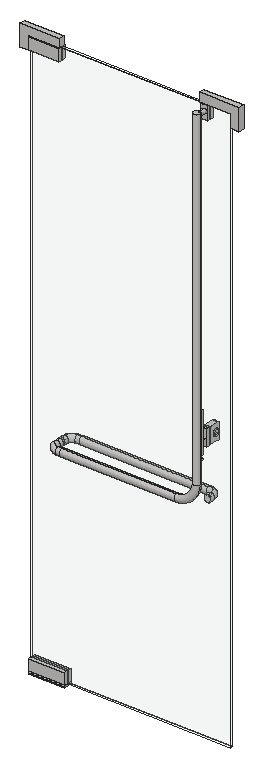
Revit family "Doors_Swing_Avanti_Systems_Pivot-Frameless-Single-Swing-Door-Dbl-Glazed", category Doors, Revit 2015
Parameters (values of type "Load Family Type Catalog")
  Youtube clip = ""
  Weight Net (Kg) = "0"
  Warranty = "1 year"  # constant formula
  Uniformat II Description = "Interior Doors"
  Uniformat II Code = "C1020"
  Uniclass 2015 Name = "Doors and windows"
  Uniclass 2015 Code = "EF_25_30"
  Uniclass 2.0 Description = ""
  Uniclass 2.0 Code = ""
  Uniclass 1.4 Description = "Doors"
  Uniclass 1.4 Code = "JL20"
  URL = "https://www.avantisystemsusa.com"
  UNSPSC Code = "30171504"
  Type = 1
  Thickness = if(Type = 1, 1/2", if(Type = 2, 3/4", if(Type = 3, 3/8", if(Type = 4, 7/16", 9/16"))))  # 1/2"
  Technical description = ""
  Sound Rating = 0
  Sketch dimension [instance] = Opening Width - 93/128"  # 36 35/128"
  Region South America = "All"
  Region Oceania = "All"
  Region North America = "All"
  Region Middle East = "All"
  Region Europe = "All"
  Region Asia = "All"
  Region Antarctica = "All"
  Region Africa = "All"
  Recessed Floor Closer [instance] = yes
  QR code = "http://bimobject.com/avantisystems/product/avanti-pivot-frameless-swing-door"
  Product url = "https://www.avantisystemsusa.com/glass-products/doors/pivot-doors-hinged-doors/single-glazed-frameless/"
  Product group = "Pivot Frameless Swing"
  Product family = "Pivot & Hinged Doors"
  Product data url = "https://bimobject.com/avantisystems/product/avanti-pivot-frameless-swing-door"
  Product certification = ""
  Product SKU = "avanti-pivot-frameless-swing-door"
  Product Guid = "3a11851e-372f-40ff-a97e-0ea9b5931639"
  Power = 110 V  # constant formula
  Opening Width [instance] = 37"
  OmniClass Description = "Wood Doors"
  OmniClass Code = "23-17 11 15"
  Nominal width = 0"
  Nominal height = 0"
  NBS Reference Description = ""
  NBS Reference Code = ""
  Model = "Pivot Frameless Swing Door"  # constant formula
  Material secondary = "Aluminium"
  Material main = "Glass"
  Masterformat 2014 Description = "Wood Doors"
  Masterformat 2014 Code = "08 14 00"
  Manufacturer name = "Avanti Systems"
  Manufacturer country = ""
  Manufacturer = "Avanti Systems USA"  # constant formula
  Lock = "Thumb turn floor lock with a key"
  Ladder Pull Height [instance] = 18"
  LEED compatibility = "YES"
  Installation instructions = ""
  IFC Classification = "Door"
  Height [instance] = 104.67904"
  Hardware material [instance] = Stainless Steel - Avanti- Brushed Finish
  Handle type [instance] = Handle : Panic Device
  Handle height [instance] = Height - 1"  # 103.67904"
  Glazing = "Safety Glazing SGCC"
  Glass Width [instance] = 36 5/8"
  Glass Material = Glass - Avanti -  Clear Tempered
  Glass Marker = yes
  Glass Height [instance] = 104.30404"
  Function = Interior
  Edition number = 1
  EAN code = ""
  Design country = "United States"
  Description = "The Pivot Frameless Glass Swing Door is our luxury glass door solution that is completely customizable and is compatible with every partition system we offer as well as solid traditional walls."  # constant formula
  Date of publishing = ""
  Clear Anodic Finish = "available"  # constant formula
  COBIe Type Category = ""
  Brand url = "http://www.avantisystemsusa.com/"
  BIMobject main category code = "doors"
  BIMobject main category = "Doors"
  BIMobject category code = "doors-swing"
  BIMobject category = "Swing"
  Analytic Construction = "<None>"
  Acoustic performance (dB) = 43  # constant formula
Reference planes (in)
  plane 1 "Center (Front/Back)": y = 0
  plane 2: z = 0
  plane 3 "Center (Left/Right)": x = 3.24894
  plane 4: x = -15.25106
  plane 5: x = 21.74894
  plane 6 "Top": z = 104.67904
  plane 7 "Curtain_wall_center": y = 1.41797
  plane 8 "Curtain_wall_exterior": y = 1.66797
  plane 9 "Curtain_wall_interior": y = 1.16797
  plane 10 "Handle_placement_level": x = 19.24894
  plane 11: x = 23.31144
  plane 12: x = -16.81356
  plane 13: z = 104.49154
  plane 14: x = 21.56144
  plane 15: x = -15.06356
  plane 16: z = 0.1875
  plane 17: z = 52.33952
Forms (in)
  Extrusion 1, solid, material "Glass - Avanti -  Clear Tempered" <- "Glass Material"
    sketch origin (0, -1.125, 0) x (1, 0, 0) y (0, 1, 0)
      loop
        line (-15.06356, 2.79297) -> (-15.06356, 2.29297) -> (21.56144, 2.29297) -> (21.56144, 2.79297) -> (-15.06356, 2.79297)
    from 0.1875 to 104.49154
Lines and regions (in)
  Masking region 1
    outline origin (3.24894, 0, 0) x (0, 1, 0) y (0, 0, 1)
      loop
        line (1.66797, 104.49154) -> (1.16797, 104.49154) -> (1.16797, 0.1875) -> (1.66797, 0.1875) -> (1.66797, 104.49154)
  symbolic lines, style "0", not visible
    curve 1: circle (20.74894, 4.89891, 0) r 0.39445 normal (0, 0, 1)
    curve 2: line (20.43894, 4.65501, 0) -> (20.43894, 2.625, 0)
    curve 3: line (21.06195, 4.65887, 0) -> (21.06195, 2.625, 0)
    curve 4: circle (20.74894, -0.14891, 0) r 0.39445 normal (0, 0, -1)
    curve 5: line (20.43894, 0.09499, 0) -> (20.43894, 2.125, 0)
    curve 6: line (21.06195, 0.09113, 0) -> (21.06195, 2.125, 0)
  symbolic lines, style "0"
    curve 7: line (-14.76823, 1.16797, 0) -> (21.74894, 1.16797, 0)
    curve 8: line (21.74894, 1.16797, 0) -> (21.74894, 1.66797, 0)
    curve 9: line (-14.76823, 1.66797, 0) -> (21.74894, 1.66797, 0)
    curve 10: line (3.24894, 1.66797, 104.49154) -> (3.24894, 1.16797, 104.49154)
    curve 11: line (3.24894, 1.66797, 93.67904) -> (3.24894, 1.66797, 104.49154)
    curve 12: line (3.24894, 1.16797, 104.49154) -> (3.24894, 1.16797, 93.67904)
    curve 13: line (3.24894, 1.66797, 0.1875) -> (3.24894, 1.66797, 93.67904)
    curve 14: line (3.24894, 2.1229, 0) -> (3.24894, 1.82713, 0)
    curve 15: line (3.24894, 1.16797, 0.1875) -> (3.24894, 1.16797, 104.49154)
    curve 16: line (3.24894, 1.66797, 0.1875) -> (3.24894, 1.16797, 0.1875)
  symbolic lines, visible <- "Glass Marker"
    curve 17: line (0.42051, -0.24998, 49.51109) -> (6.07737, -0.24998, 55.16795)
    curve 18: line (3.24894, -0.24998, 50.49156) -> (5.0969, -0.24998, 52.33952)
    curve 19: line (1.40098, -0.24998, 52.33952) -> (3.24894, -0.24998, 54.18748)
  symbolic lines, not visible
    curve 20: line (1.40098, 0.25002, 52.33952) -> (5.0969, 0.25002, 52.33952)
    curve 25: line (-1.84534, 0.25002, 22.66367) -> (1.85057, 0.25002, 22.66367)
  model lines, not visible
    curve 21: line (3.24894, 0.25002, 50.49156) -> (3.24894, 0.25002, 54.18748)
    curve 26: line (0.00262, 0.25002, 20.81572) -> (0.00262, 0.25002, 24.51163)
  symbolic lines, visible <- "Glass Marker", not visible
    curve 22: line (-2.82581, -0.24998, 19.83525) -> (2.83104, -0.24998, 25.4921)
    curve 23: line (0.00262, -0.24998, 20.81572) -> (1.85057, -0.24998, 22.66367)
    curve 24: line (-1.84534, -0.24998, 22.66367) -> (0.00262, -0.24998, 24.51163)
  symbolic lines, style "DoorsHiddenLines"
    curve 27: line (21.56144, 0, 104.49154) -> (-15.06356, 0, 52.33952)
    curve 28: line (-15.06356, 0, 52.33952) -> (21.56144, 0, 0.1875)
    curve 29: line (-14.33547, 1.41797, 0) -> (-14.33547, 37.69141, 0)
    curve 30: arc (-14.33547, 37.69141, 0) -> (11.18006, 27.12253, 0) -> (21.74894, 1.607, 0) r 36.08441
Text (in)
  text "Exterior" at (-45.72835, 31.38743, 0), in view "Ref. Level"
Dimensions and locks (in)
  equal spacing: plane 4, plane 3 "Center (Left/Right)", plane 5  (x2)
  equal spacing: plane 8 "Curtain_wall_exterior", plane 7 "Curtain_wall_center", plane 9 "Curtain_wall_interior"
  plane 1 "Center (Front/Back)" to plane 7 "Curtain_wall_center" = 1 107/256"
  "Thickness": plane 8 "Curtain_wall_exterior" to plane 9 "Curtain_wall_interior"
  "Opening Width": plane 4 to plane 5
  locked: plane 10 "Handle_placement_level" to plane 5 at 2.5
  curve 13 to curve 15 = 1/2"
  Extrusion 1 to Extrusion 1 = 1/2"
  locked: plane 5 to plane 11 at 1.5625
  locked: plane 12 to plane 4 at 1.5625
  "Height": plane 6 "Top" to plane 2
  locked: plane 14 to plane 5 at 0.1875
  locked: plane 4 to plane 15 at 0.1875
  locked: plane 13 to plane 6 "Top" at 0.1875
  plane 5 to Extrusion 1 = 36 13/16"
  equal spacing: plane 16, plane 17, plane 13
  "Glass Width": plane 15 to plane 14
  "Glass Height": plane 16 to plane 13
  locked: nested 3 to curve 29 at 0.72809
  "Sketch dimension": plane 7 "Curtain_wall_center" to curve 29
  locked: plane 14 to curve 30 at 0.1875
  aligned and locked: level to plane 2
  aligned and locked: curve 8 to plane 5
  aligned and locked: nested 1 to plane 5
  aligned and locked: nested 2 to plane 4  (x2)
  aligned and locked: plane 6 "Top" to nested 1
  aligned and locked: plane 9 "Curtain_wall_interior" to curve 8
  aligned and locked: nested 3 to Extrusion 1
  aligned and locked: nested 3 to nested 2
  aligned and locked: Extrusion 1 to plane 16
  aligned and locked: Extrusion 1 to plane 14
  aligned and locked: plane 15 to Extrusion 1
  aligned and locked: Extrusion 1 to plane 13
  aligned and locked: plane 13 to nested 3
  aligned and locked: curve 20 to plane 17
  aligned and locked: plane 3 "Center (Left/Right)" to curve 21
  aligned and locked: plane 2 to nested 4
  aligned and locked: plane 15 to nested 4
  aligned and locked: curve 16 to plane 16
  aligned and locked: nested 5 to plane 10 "Handle_placement_level"
  aligned and locked: plane 14 to curve 28
  aligned and locked: plane 16 to curve 28
  aligned and locked: plane 17 to curve 27
  aligned and locked: plane 15 to curve 27
  aligned and locked: plane 13 to curve 27
  aligned and locked: plane 14 to curve 27
  aligned and locked: plane 13 to curve 10
  aligned and locked: plane 13 to Masking region 1 sketch curve
  aligned and locked: Masking region 1 sketch curve to plane 8 "Curtain_wall_exterior"
  aligned and locked: Masking region 1 sketch curve to plane 9 "Curtain_wall_interior"
  aligned and locked: plane 16 to Masking region 1 sketch curve
  aligned and locked: plane 7 "Curtain_wall_center" to curve 29
  aligned and locked: curve 29 to curve 30
  aligned and locked: nested 6 to plane 15
  aligned and locked: plane 2 to nested 6
  aligned and locked: nested 7 to plane 7 "Curtain_wall_center"
  aligned and locked: nested 7 to plane 2
Automatic sketch dimensions
  curve 15 to plane 9 "Curtain_wall_interior" = 0"
  curve 14 to level = 0"
  plane 8 "Curtain_wall_exterior" to curve 14 = 0.15916"
  curve 14 to curve 14 = 0.29578"
  Extrusion 1 sketch curve to plane 4 = 3/16"
  plane 5 to Extrusion 1 sketch curve = 3/16"
  Extrusion 1 sketch curve to plane 9 "Curtain_wall_interior" = 0"
  Extrusion 1 sketch curve to plane 8 "Curtain_wall_exterior" = 0"
  curve 16 to plane 8 "Curtain_wall_exterior" = 0"
  plane 13 to curve 12 = 10 13/16"
  curve 12 to curve 11 = 0"
  curve 9 to plane 8 "Curtain_wall_exterior" = 0"
  curve 9 to plane 15 = 0.29533"
  curve 7 to plane 15 = 0.29533"
Nested families (in)
  nested 1: "Pivot Door Top Free Swing Patch Fitting" at (12.24802, 0.91797, 104.67904) x (-1, 0, 0) z (0, 1, 0), type "Pivot Door Top Free Swing Patch Fitting"
  nested 2: "Pivot Door Top Free Swing Patch Fitting" at (-5.75014, 0.91797, 104.49154) x (1, 0, 0) z (0, 1, 0), type "Pivot Door Top Free Swing Patch Fitting"
  nested 3: "Pivot Door Top Free Swing Pivot" at (-15.06356, 1.16797, 102.17658) x (1, 0, 0) z (0, -1, 0), Glass Thickness Control <- "Thickness", Product Material <- "Hardware material", type "Glass Thickness 8.0 mm"
    with Product Material Stainless Steel - Avanti- Brushed Finish, Glass Thickness Control 1/2"
  nested 4: "Pivot Door Bottom Free Swing Pivot Option" at (-15.06356, 1.66797, 0) x (1, 0, 0) z (0, 1, 0), Glass Thickness Control <- "Thickness", Product Material <- "Hardware material", type "Glass Thickness 8.0 mm"
    with Recessed Floor Closer yes, Product Material Stainless Steel - Avanti- Brushed Finish, Glass Thickness Control 1/2"
  nested 5: "Handle" at (17.62394, -0.20703, 38.8125) x (1, 0, 0) z (0, -1, 0), type <- "Handle type", type "Panic Device", detail levels medium+fine
    with Locker yes, Width 36 35/128", Height 103.67904"
  nested 6: "Recessed Floor Closer - Elevation" at (-12.99146, 0, 0.11624) x (1, 0, 0) z (0, -1, 0), visible <- "Recessed Floor Closer", type "Recessed Floor Closer - Elevation"
  nested 7: "Recessed Floor Closer - Section" at (3.24894, 1.41797, 0) x (0, 1, 0) z (1, 0, 0), visible <- "Recessed Floor Closer", type "Recessed Floor Closer - Section"
Definition of nested family "Pivot Door Top Free Swing Patch Fitting"
  Parameters (values of type "Pivot Door Top Free Swing Patch Fitting")
    Material = none
    Default Elevation = 48"
  Reference planes (in)
    plane 1 "Center (Front/Back)": y = 0
    plane 2: z = 0
    plane 3 "Center (Left/Right)": x = 0
  Forms (in)
    Extrusion 1, solid, material <- "Material"
      sketch origin (5.75014, 73, 1.91797) x (0, -1, 0) y (1, 0, 0)
        loop
          line (73, -9.56356) -> (73, -15.25106) -> (70.64844, -15.25106) -> (70.64844, -16.81356) -> (74.5625, -16.81356) -> (74.5625, -9.56356) -> (73, -9.56356)
      from -1.91797 to -0.91797
  Lines and regions (in)
    reference lines
      curve 1: line (0, 2.35156, 0.5) -> (0, -5.14844, 0.5)
  Dimensions and locks (in)
    aligned and locked: level to plane 2
Definition of nested family "Pivot Door Top Free Swing Pivot"
  Parameters (values of type "Glass Thickness 8.0 mm")
    Youtube clip = "https://www.youtube.com/watch?time_continue=4&v=5oOBSi0owgs"
    Weight Net (Kg) = "0.63"
    Uniformat II Description = ""
    Uniformat II Code = ""
    Uniclass 2015 Name = ""
    Uniclass 2015 Code = ""
    Uniclass 2.0 Description = ""
    Uniclass 2.0 Code = ""
    Uniclass 1.4 Description = ""
    Uniclass 1.4 Code = ""
    URL = "http://www.colcomgroup.it"
    UNSPSC Code = ""
    Technical description = "http://www.minusco.com/images/pdf/schede-tecniche/05_PORTE_ESTERNE.pdf"
    Region South America = "All"
    Region Oceania = "All"
    Region North America = "All"
    Region Middle East = "All"
    Region Europe = "All"
    Region Asia = "All"
    Region Antarctica = "All"
    Region Africa = "All"
    QR code = "http://bimobject.com/colcom/product/Top-Hinge-Unica-100E20"
    Product url = "http://www.minusco.com/images/pdf/schede-tecniche/05_PORTE_ESTERNE.pdf"
    Product group = "Top Free hinge"
    Product family = "Glass Hardware"
    Product data url = "https://bimobject.com/colcom/product/Top-Hinge-Unica-100E20"
    Product certification = ""
    Product SKU = "Top-Hinge-Unica-100E20"
    Product Material [instance] = none
    Product Instructions = "Outer doors. Glass thickness from 8mm to 13,52mm .Maximum door width 1000mm. Maximum door weight 100 Kg."  # constant formula
    Product Guid = "7bd65d41-e2c5-4b08-8bdf-08c516c9f22f"
    OmniClass Description = ""
    OmniClass Code = ""
    Nominal width = 6.5748"
    Nominal height = 2.20472"
    NBS Reference Description = ""
    NBS Reference Code = ""
    Model = "Top Hinge Unica 100E20"
    Material secondary = "Steel"
    Material main = "Aluminium"
    Masterformat 2014 Description = ""
    Masterformat 2014 Code = ""
    Manufacturer name = "Colcom"
    Manufacturer country = "Italy"
    Manufacturer = "Colcom"
    Keynote = "08700"
    Installation instructions = ""
    IFC Classification = ""
    Glass Thickness Control [instance] = 0.31496"
    Glass Thickness = 0"
    Edition number = 1
    EAN code = ""
    Design country = "Italy"
    Description = "Top hinge for Hydraulic Hinge 101E10/101E10NF/101E10SF/101E10L"
    Default Elevation = 0"
    Date of publishing = ""
    COBIe Type Category = ""
    Brand url = ""
    BIMobject main category code = ""
    BIMobject main category = ""
    BIMobject category code = ""
    BIMobject category = ""
    Assembly Code = "C1020410"
  Reference planes (in)
    plane 1 "Center (Front/Back)": y = 0
    plane 2: z = 0
    plane 3 "Center (Left/Right)": x = 0
    plane 4: y = 2.31496
    plane 5: y = -0.41339
    plane 6: y = 0.11024
    plane 7: x = 5.5
    plane 8: z = 0.45276
    plane 9: z = -0.31496
    plane 10: z = -0.76772
    plane 11: z = -0.15748
    plane 12: z = 0.6122
    plane 13: z = -0.92717
    plane 14: x = 4.24005
    plane 15: x = 0.20769
    plane 16: x = 5.09646
    plane 17: y = 1.73622
    plane 18: x = 4.3878
    plane 19: x = 2.22678
    plane 20: z = 0.46594
    plane 21: z = -0.7809
    plane 22: x = 1.60336
    plane 23: x = 2.85019
    plane 24: y = -1.59449
    plane 25: x = 0.72835
    plane 26: x = 3.72521
    plane 27: y = -0.80709
    plane 28: y = 1.98032
    plane 29: y = 0.60237
    plane 30: z = 0.25001
    plane 31: z = -0.56497
    plane 32: x = 5.53937
    plane 33: x = -0.03937
    plane 34: y = 1.2126
    plane 35: y = 0.41339
    plane 36: y = 0.68898
    plane 37: y = 2.23622
  Forms (in)
    Extrusion 1, solid
      sketch origin (0, 0, 0) x (1, 0, 0) y (0, 1, 0)
        loop
          line (-48, 48) -> (-48, -48) -> (48, -48) -> (48, 48) -> (-48, 48)
      from 0 to -12
    Extrusion 2, solid, material <- "Product Material"
      sketch origin (3.06299, -180, -0.5315) x (-1, 0, 0) y (0, -1, 0)
        loop
          line (-2.43701, -182.31496) -> (3.06299, -182.31496) -> (3.06299, -180.11024) -> (-2.43701, -180.11024) -> (-2.43701, -182.31496)
      from -0.23622 to 0.21654
    Extrusion 3, solid, material <- "Product Material"
      sketch origin (3.06299, -180, -0.5315) x (-1, 0, 0) y (0, -1, 0)
        loop
          line (-2.43701, -182.31496) -> (3.06299, -182.31496) -> (3.06299, -180.11024) -> (-2.43701, -180.11024) -> (-2.43701, -182.31496)
      from 0.5315 to 0.98425
    Extrusion 4, solid, material <- "Product Material"
      sketch origin (3.06299, -180, -0.5315) x (-1, 0, 0) y (0, -1, 0)
        loop
          line (2.85531, -182.31496) -> (2.85531, -180.68898) -> (-2.03346, -180.68898) -> (-2.03346, -182.31496) -> (2.85531, -182.31496)
      from 0.21654 to 0.5315
  Dimensions and locks (in)
    plane 5 to plane 1 "Center (Front/Back)" to plane 4 = 0.41339" locked, 2.31496" locked
    locked: plane 1 "Center (Front/Back)" to plane 6 at 0.11024
    locked: plane 8 to level at 0.45276
    locked: plane 9 to plane 10 at 0.45276
    "Glass Thickness Control": level to plane 9
    equal spacing: level, plane 11, plane 9
    plane 12 to plane 11 to plane 13 = 0.76969" locked, 0.76969" locked
    locked: plane 17 to plane 4 at 0.57874
    locked: plane 16 to plane 7 at 0.40354
    locked: plane 18 to plane 16 at 0.70866
    locked: plane 19 to plane 3 "Center (Left/Right)" at 2.22678
    plane 20 to plane 11 to plane 21 = 0.62342" locked, 0.62342" locked
    plane 22 to plane 19 to plane 23 = 0.62342" locked, 0.62342" locked
    locked: plane 24 to plane 5 at 1.1811
    locked: plane 15 to plane 25 at 0.52066
    locked: plane 26 to plane 14 at 0.51485
    locked: plane 24 to plane 27 at 0.7874
    plane 1 "Center (Front/Back)" to plane 29 to plane 17 = 0.60237", 1.13386"
    locked: plane 9 to plane 31 at 0.25001
    locked: plane 30 to level at 0.25001
    locked: plane 7 to plane 32 at 0.03937
    locked: plane 33 to plane 3 "Center (Left/Right)" at 0.03937
    equal spacing: plane 6, plane 34, plane 4
    locked: plane 36 to plane 6 at 0.57874
    locked: plane 37 to plane 4 at 0.07874
    Extrusion 3 to Extrusion 3 = 5 1/2"
    locked: plane 7 to plane 33 at 5.53937
    aligned and locked: plane 2 to Extrusion 1
    aligned and locked: level to Extrusion 1
    aligned and locked: Extrusion 2 sketch curve to plane 4
    aligned and locked: Extrusion 2 sketch curve to plane 3 "Center (Left/Right)"
    aligned and locked: Extrusion 2 sketch curve to plane 6
    aligned and locked: Extrusion 2 sketch curve to plane 7
    aligned and locked: Extrusion 3 sketch curve to plane 4
    aligned and locked: Extrusion 3 sketch curve to plane 3 "Center (Left/Right)"
    aligned and locked: Extrusion 3 sketch curve to plane 6
    aligned and locked: Extrusion 3 sketch curve to plane 7
    aligned and locked: Extrusion 3 to level
    aligned and locked: plane 8 to Extrusion 3
    aligned and locked: plane 9 to Extrusion 2
    aligned and locked: plane 10 to Extrusion 2
    aligned and locked: Extrusion 4 sketch curve to plane 16
    aligned and locked: Extrusion 4 sketch curve to plane 15
    aligned and locked: Extrusion 4 to plane 9
    aligned and locked: level to Extrusion 4
    aligned and locked: plane 4 to Extrusion 4 sketch curve
    aligned and locked: plane 36 to Extrusion 4 sketch curve
  Automatic sketch dimensions
    Extrusion 1 sketch curve to Extrusion 1 sketch curve = 96"  (x2)
Definition of nested family "Pivot Door Bottom Free Swing Pivot Option"
  Parameters (values of type "Glass Thickness 8.0 mm")
    Youtube clip = "https://www.youtube.com/watch?time_continue=4&v=5oOBSi0owgs"
    Weight Net (Kg) = "1.35"
    Uniformat II Description = ""
    Uniformat II Code = ""
    Uniclass 2015 Name = ""
    Uniclass 2015 Code = ""
    Uniclass 2.0 Description = ""
    Uniclass 2.0 Code = ""
    Uniclass 1.4 Description = ""
    Uniclass 1.4 Code = ""
    URL = "http://www.colcomgroup.it"
    UNSPSC Code = ""
    Technical description = "http://www.minusco.com/images/pdf/schede-tecniche/05_PORTE_ESTERNE.pdf"
    Region South America = "All"
    Region Oceania = "All"
    Region North America = "All"
    Region Middle East = "All"
    Region Europe = "All"
    Region Asia = "All"
    Region Antarctica = "All"
    Region Africa = "All"
    Recessed Floor Closer [instance] = yes
    QR code = "http://bimobject.com/colcom/product/Hydraulic-Hinge-Unica-101E10"
    Product url = "http://www.minusco.com/images/pdf/schede-tecniche/05_PORTE_ESTERNE.pdf"
    Product group = "Hydraulic hinge"
    Product family = "Glass Hardware"
    Product data url = "https://bimobject.com/colcom/product/Hydraulic-Hinge-Unica-101E10"
    Product certification = "http://www.minusco.com/images/pdf/UNICA-tuv-certificate.pdf"
    Product SKU = "Hydraulic-Hinge-Unica-101E10"
    Product Material [instance] = none
    Product Instructions = "Outer doors. Glass thickness from 8mm to 13,52mm .Maximum door width 1000mm. Maximum door weight 100 Kg. Working temperature range -10°C to +50° C . Automatic closing from +80° -80°."  # constant formula
    Product Guid = "450c44ee-bdbd-483b-a3fa-21a73341f42f"
    OmniClass Description = ""
    OmniClass Code = ""
    Nominal width = 6.5748"
    Nominal height = 2.71654"
    NBS Reference Description = ""
    NBS Reference Code = ""
    Model = "Hydraulic Hinge Unica 101E10"
    Material secondary = "Steel"
    Material main = "Aluminium"
    Masterformat 2014 Description = ""
    Masterformat 2014 Code = ""
    Manufacturer name = "Colcom"
    Manufacturer country = "Italy"
    Manufacturer = "Colcom"
    Keynote = "08700"
    Installation instructions = "http://www.minusco.com/istruzioni/XC-IM-101E10.pdf"
    IFC Classification = ""
    Glass Thickness Control [instance] = 0.31496"
    Glass Thickness = 0.31496"
    Edition number = 1
    EAN code = ""
    Design country = "Italy"
    Description = "Hydraulic hinge including brake, closing speed & final latch adjustments. Control of the door alignment.\r\nCan be combined with all patch fittings of the Maxima series. Useful also\r\nfor pivoting applications. Stop at 0° +90° -90°. Tested according to EN 1154:2006 . Certification Mark TÜV ."
    Default Elevation = 0"
    Date of publishing = ""
    COBIe Type Category = ""
    Brand url = ""
    BIMobject main category code = ""
    BIMobject main category = ""
    BIMobject category code = ""
    BIMobject category = ""
    Assembly Code = "C1020410"
  Reference planes (in)
    plane 1 "Center (Front/Back)": y = 0
    plane 2: z = 0
    plane 3 "Center (Left/Right)": x = 0
    plane 4: y = 2.31496
    plane 5: y = -0.41339
    plane 6: y = 0.1875
    plane 7: x = 6.55512
    plane 8: z = 0.45276
    plane 9: z = -0.31496
    plane 10: z = -0.76772
    plane 11: z = -0.15748
    plane 12: z = 0.6122
    plane 13: z = -0.92717
    plane 14: x = 4.24005
    plane 15: x = 0.20769
    plane 16: x = 6.15157
    plane 17: y = 1.73622
    plane 18: y = 2.01182
    plane 19: x = 5.44291
    plane 20: x = 2.22678
    plane 21: z = 0.46594
    plane 22: z = -0.7809
    plane 23: x = 1.60336
    plane 24: x = 2.85019
    plane 25: y = -1.59449
    plane 26: x = 0.72835
    plane 27: x = 3.72521
    plane 28: y = -0.80709
    plane 29: y = 1.98032
    plane 30: y = 0.60237
    plane 31: z = 0.25001
    plane 32: z = -0.56497
    plane 33: x = 6.59449
    plane 34: x = -0.03937
  Forms (in)
    Extrusion 1, solid
      sketch origin (0, 0, 0) x (1, 0, 0) y (0, 1, 0)
        loop
          line (-48, 48) -> (-48, -48) -> (48, -48) -> (48, 48) -> (-48, 48)
      from 0 to -12
    Extrusion 2, solid, material <- "Product Material"
      sketch origin (3.06299, -180, -0.5315) x (-1, 0, 0) y (0, -1, 0)
        loop
          line (-3.49213, -182.31496) -> (3.06299, -182.31496) -> (3.06299, -180.1875) -> (-3.49213, -180.1875) -> (-3.49213, -182.31496)
      from -0.23622 to 0.21654
    Extrusion 3, solid, material <- "Product Material"
      sketch origin (3.06299, -180, -0.5315) x (-1, 0, 0) y (0, -1, 0)
        loop
          line (-3.49213, -182.31496) -> (3.06299, -182.31496) -> (3.06299, -180.1875) -> (-3.49213, -180.1875) -> (-3.49213, -182.31496)
      from -0.23622 to 0.21654
    Extrusion 4, solid, material <- "Product Material"
      sketch origin (3.06299, -180, -0.5315) x (-1, 0, 0) y (0, -1, 0)
        loop
          line (3.06299, -182.31496) -> (3.06299, -180.1875) -> (-3.49213, -180.1875) -> (-3.49213, -182.31496) -> (3.06299, -182.31496)
      from 0.5315 to 0.98425
    Extrusion 5, solid, material <- "Product Material", detail levels fine
      sketch origin (2.51156, -1.55511, 48) x (-1, 0, 0) y (0, 0, -1)
        loop
          circle (1.78346, 48.15748) r 0.19685
      from -1.74261 to -1.55511
    Extrusion 6, solid, material <- "Product Material", visible <- "Recessed Floor Closer", detail levels fine
      sketch origin (4.58661, -180, 0.45276) x (-1, 0, 0) y (0, -1, 0)
        loop
          line (4.58661, -180.03198) -> (4.58661, -179.85329) -> (-1.9685, -179.85329) -> (-1.9685, -180.03198) -> (4.58661, -180.03198)
      from -1.37992 to 0.15945
  Cuts and joins
    joined: Extrusion 3, Extrusion 4
  Dimensions and locks (in)
    plane 5 to plane 1 "Center (Front/Back)" to plane 4 = 0.41339" locked, 2.31496" locked
    plane 1 "Center (Front/Back)" to plane 6 = 3/16"
    locked: plane 8 to level at 0.45276
    locked: plane 9 to plane 10 at 0.45276
    "Glass Thickness Control": level to plane 9
    equal spacing: level, plane 11, plane 9
    plane 12 to plane 11 to plane 13 = 0.76969" locked, 0.76969" locked
    plane 7 to plane 14 to plane 15 to plane 3 "Center (Left/Right)" = 2.31507" locked, 4.03237" locked, 0.20769" locked
    locked: plane 17 to plane 4 at 0.57874
    locked: plane 16 to plane 7 at 0.40354
    locked: plane 19 to plane 16 at 0.70866
    locked: plane 20 to plane 3 "Center (Left/Right)" at 2.22678
    plane 21 to plane 11 to plane 22 = 0.62342" locked, 0.62342" locked
    plane 23 to plane 20 to plane 24 = 0.62342" locked, 0.62342" locked
    locked: plane 25 to plane 5 at 1.1811
    locked: plane 15 to plane 26 at 0.52066
    locked: plane 27 to plane 14 at 0.51485
    locked: plane 25 to plane 28 at 0.7874
    plane 1 "Center (Front/Back)" to plane 30 to plane 17 = 0.60237", 1.13386"
    locked: plane 9 to plane 32 at 0.25001
    locked: plane 31 to level at 0.25001
    locked: plane 7 to plane 33 at 0.03937
    locked: plane 34 to plane 3 "Center (Left/Right)" at 0.03937
    aligned and locked: plane 2 to Extrusion 1
    aligned and locked: level to Extrusion 1
    aligned and locked: Extrusion 2 sketch curve to plane 4
    aligned and locked: Extrusion 2 sketch curve to plane 3 "Center (Left/Right)"
    aligned and locked: Extrusion 2 sketch curve to plane 6
    aligned and locked: Extrusion 2 sketch curve to plane 7
    aligned and locked: plane 9 to Extrusion 2
    aligned and locked: plane 10 to Extrusion 2
    aligned and locked: Extrusion 3 sketch curve to plane 4
    aligned and locked: Extrusion 3 sketch curve to plane 7
    aligned and locked: Extrusion 3 sketch curve to plane 6
    aligned and locked: Extrusion 3 sketch curve to plane 3 "Center (Left/Right)"
    aligned and locked: Extrusion 4 sketch curve to plane 3 "Center (Left/Right)"
    aligned and locked: Extrusion 4 sketch curve to plane 4
    aligned and locked: Extrusion 4 sketch curve to plane 7
    aligned and locked: Extrusion 4 sketch curve to plane 6
    aligned and locked: plane 10 to Extrusion 3
    aligned and locked: plane 9 to Extrusion 3
    aligned and locked: Extrusion 4 to level
    aligned and locked: plane 8 to Extrusion 4
    aligned and locked: plane 6 to Extrusion 5
    aligned and locked: plane 3 "Center (Left/Right)" to Extrusion 6 sketch curve
    aligned and locked: plane 7 to Extrusion 6 sketch curve
    aligned and locked: Extrusion 6 to plane 13
    aligned and locked: Extrusion 6 to plane 12
  Automatic sketch dimensions
    Extrusion 1 sketch curve to Extrusion 1 sketch curve = 96"  (x2)
    Extrusion 5 sketch curve to plane 11 = 0"
    Extrusion 5 sketch curve to plane 26 = 0.00025"
    Extrusion 6 sketch curve to plane 1 "Center (Front/Back)" = 0.03198"
    plane 1 "Center (Front/Back)" to Extrusion 6 sketch curve = 0.14671"
    radius of Extrusion 5 sketch curve = 0.19685"
Definition of nested family "Handle"
  Parameters (values of type "48" Ladder Pull")
    Width = 54.28299"
    Type = 3
    Ladder Pool Height = 18"
    Ladder 60" = if(Type = 5, 1 = 1, 1 = 0)  # no
    Ladder = if(Type = 3, 1 = 1, 1 = 0)  # yes
    Thickness = 1/2"
    Panic hardware = if(Type = 4, 1 = 1, 1 = 0)  # no
    Material = none
    Locker [instance] = yes
    Height = 90 9/16"
    Glass door = if(Type = 2, 1 = 1, 1 = 0)  # no
    Framed door = if(Type = 1, 1 = 1, 1 = 0)  # no
    Default Elevation = 48"
  Types (3): name | Width | Type | Ladder 60" | Ladder | Panic hardware
    60" Ladder Pull | 54.28299" | 5 | yes | no | no
    Panic Device | 26.41493" | 4 | no | no | yes
    48" Ladder Pull | 54.28299" | 3 | no | yes | no
  Reference planes (in)
    plane 1 "Center (Front/Back)": y = 0
    plane 2: z = 0
    plane 3 "Center (Left/Right)": x = 0
    plane 4 "door_up": z = -1.375
    plane 5 "door_down": z = -1.875
    plane 6: z = -3.25
    plane 7: x = -1.25
    plane 8: x = -43.31449
    plane 9: x = -46.03299
    plane 10: x = -43.31449
    plane 11: y = 51.9375
    plane 12: y = 0.625
    plane 13: y = 11.125
    plane 14: y = 52.5625
    plane 15: y = -38
    plane 16: x = -50.15799
    plane 17 "door": x = 4.125
    plane 18: x = 1.625
    plane 19: y = -20
  Forms (in)
    Sweep 1, solid, material <- "Material", visible <- "Panic hardware"
      path origin (0, 0, 0) x (1, 0, 0) y (0, 1, 0)
        loop
          line (-1.25, 51.9375) -> (-1.25, 4.25)
          arc (-1.25, 4.25) -> (-2.12868, 2.12868) -> (-4.25, 1.25) r 3
          line (-4.25, 1.25) -> (-43.31449, 1.25)
      profile origin (-1.25, 28.09375, 0) x (1, 0, 0) y (0, 0, 1)
        loop
          circle (0.625, 0.625) r 0.625
    Sweep 2, solid, material <- "Material", visible <- "Panic hardware"
      path origin (0, 0, 0) x (1, 0, 0) y (0, 0, 1)
        loop
          line (-43.31449, 0) -> (-44.06449, 0)
          arc (-44.06449, 0) -> (-44.57255, -0.21044) -> (-44.78299, -0.7185) r 0.7185
          line (-44.78299, -0.7185) -> (-44.78299, -1.375)
      profile origin (-43.68949, 0, 0) x (0, 0, -1) y (0, -1, 0)
        loop
          circle (-0.625, -0.625) r 0.625
    Sweep 3, solid, material <- "Material", visible <- "Panic hardware"
      path origin (0, 0, -6.75) x (1, 0, 0) y (0, 0, -1)
        loop
          line (-43.31449, -3.5) -> (-44.06449, -3.5)
          arc (-44.06449, -3.5) -> (-44.57255, -3.71044) -> (-44.78299, -4.2185) r 0.7185
          line (-44.78299, -4.2185) -> (-44.78299, -4.875)
      profile origin (-43.68949, 0, -3.25) x (0, 0, -1) y (0, -1, 0)
        loop
          circle (0.625, -0.625) r 0.625
    Sweep 4, solid, material <- "Material", visible <- "Panic hardware"
      path origin (-30, 0, -6.75) x (-1, 0, 0) y (0, 0, -1)
        loop
          line (13.31449, -3.5) -> (-28.0315, -3.5)
          arc (-28.0315, -3.5) -> (-28.53956, -3.71044) -> (-28.75, -4.2185) r 0.7185
          line (-28.75, -4.2185) -> (-28.75, -4.875)
      profile origin (-22.6415, 0, -3.25) x (0, 0, 1) y (0, -1, 0)
        loop
          circle (-0.625, -0.625) r 0.625
  Cuts and joins
    joined: Sweep 1, Sweep 2
    joined: Sweep 3, Sweep 4
  Dimensions and locks (in)
    "Thickness": plane 5 "door_down" to plane 4 "door_up"
    locked: plane 3 "Center (Left/Right)" to plane 7 at 1.25
    locked: plane 9 to plane 8 at 2.7185
    locked: plane 9 to Sweep 3 sketch curve at 1.25
    locked: Sweep 2 sketch curve to plane 9 at 1.25
    locked: plane 10 to plane 9 at 2.7185
    locked: Sweep 1 sketch curve to plane 1 "Center (Front/Back)" at 1.25
    locked: plane 3 "Center (Left/Right)" to nested 1 at 0.125
    locked: plane 4 "door_up" to plane 2 at 1.375
    locked: plane 6 to plane 5 "door_down" at 1.375
    locked: plane 12 to plane 1 "Center (Front/Back)" at 0.625
    locked: plane 13 to plane 12 at 10.5
    locked: plane 14 to plane 11 at 0.625
    "Height": plane 14 to plane 15
    locked: plane 1 "Center (Front/Back)" to plane 15 at 38
    locked: plane 3 "Center (Left/Right)" to plane 17 "door" at 4.125
    "Width": plane 16 to plane 17 "door"
    locked: plane 16 to plane 10 at 6.8435
    locked: plane 18 to plane 17 "door" at 2.5
    "Ladder Pool Height": plane 19 to plane 15
    aligned and locked: level to plane 2
    aligned and locked: plane 4 "door_up" to cut or joined group of Sweep 1, Sweep 2
    aligned and locked: Sweep 2 sketch curve to plane 4 "door_up"
    aligned and locked: Sweep 3 sketch curve to plane 5 "door_down"
    aligned and locked: plane 6 to Sweep 3 sketch curve
    aligned and locked: plane 7 to Sweep 4 sketch curve
    aligned and locked: Sweep 4 sketch curve to plane 6
    aligned and locked: plane 8 to Sweep 4 sketch curve
    aligned and locked: plane 8 to Sweep 3 sketch curve
    aligned and locked: plane 10 to Sweep 2 sketch curve
    aligned and locked: plane 10 to Sweep 1 sketch curve
    aligned and locked: plane 11 to Sweep 1 sketch curve
    aligned and locked: plane 5 "door_down" to Sweep 4 sketch curve
    aligned and locked: nested 1 to plane 4 "door_up"
    aligned and locked: plane 13 to nested 1
    aligned and locked: nested 2 to plane 4 "door_up"
    aligned and locked: plane 3 "Center (Left/Right)" to nested 2
    aligned and locked: nested 2 to plane 11
    aligned and locked: nested 2 to plane 14
    aligned and locked: plane 18 to nested 3
    aligned and locked: plane 1 "Center (Front/Back)" to nested 3
    aligned and locked: nested 4 to plane 18
    aligned and locked: nested 4 to plane 1 "Center (Front/Back)"
    aligned and locked: nested 5 to plane 4 "door_up"
    aligned and locked: nested 5 to plane 17 "door"
    aligned and locked: nested 5 to plane 1 "Center (Front/Back)"
    aligned and locked: nested 6 to plane 4 "door_up"
    aligned and locked: plane 5 "door_down" to nested 7
    aligned and locked: nested 7 to plane 19
    aligned and locked: plane 19 to nested 6
    aligned and locked: nested 6 to plane 18
    aligned and locked: nested 7 to plane 18
    aligned and locked: plane 4 "door_up" to nested 8
    aligned and locked: plane 15 to nested 8
    aligned and locked: plane 5 "door_down" to nested 9
    aligned and locked: nested 9 to plane 15
    aligned and locked: plane 18 to nested 8
    aligned and locked: plane 18 to nested 9
  Nested families (in)
    nested 1: "Family2" at (-1.125, 11.125, 0.22234), visible <- "Panic hardware", type "Family2"
      with Lock yes
    nested 2: "Family3" at (-0.26102, 51.9375, -1.63602), visible <- "Panic hardware", type "Family3"
      with Thickness 1/2"
    nested 3: "Handle Timber" at (1.625, 0, -1.875), Locker <- "Locker", visible <- "Framed door", type "Handle Timber"
      with Locker yes
    nested 4: "Handle Timber" at (1.625, 0, -1.375) x (1, 0, 0) z (0, 0, -1), Locker <- "Locker", visible <- "Framed door", type "Handle Timber"
      with Locker yes
    nested 5: "Hinged Framed Swing locker" at (3.22214, -1.5625, -5.625), Handle and assembly material <- "Material", visible <- "Glass door", type "Hinged Framed Swing locker"
      with Handle and assembly material none
    nested 6: "Handle_For-Glass_Rounded_600mm" at (1.625, 13.36577, -1.375) x (-1, 0, 0) z (0, 0, -1), Handle Material <- "Material", visible <- "Ladder", type "Handle_For-Glass_Rounded_600mm"
      with Handle Material none, Handle Height 48"
    nested 7: "Handle_For-Glass_Rounded_600mm" at (1.625, -5.36577, -1.875) x (-1, 0, 0) z (0, 0, 1), Handle Material <- "Material", visible <- "Ladder", type "Handle_For-Glass_Rounded_600mm"
      with Handle Material none, Handle Height 48"
    nested 8: "Handle_For-Glass_Rounded_60in" at (1.625, 2.47039, -1.375), visible <- "Ladder 60"", Handle Material <- "Material", type "60""
      with No locker yes, Locker no, Handle Material none, Handle Height 60"
    nested 9: "Handle_For-Glass_Rounded_60in2" at (1.625, 2.47039, -1.875), visible <- "Ladder 60"", Handle Material <- "Material", type "60""
      with No locker no, Locker yes, Handle Material none, Handle Height 60"
  Definition of nested family "Family2"
    Parameters (values of type "Family2")
      Thickness = 1/2"
      Material = none
      Lock = no
    Reference planes (in)
      plane 1 "Center (Front/Back)": y = 0
      plane 2: z = 0
      plane 3 "Center (Left/Right)": x = 0
      plane 4: z = -2.09734
      plane 5: z = -1.59734
    Forms (in)
      Extrusion 1, solid, material <- "Material"
        sketch origin (0, 0, 0) x (0, 1, 0) y (0, 0, 1)
          loop
            line (5.04078, -0.345) -> (5.04078, 0) -> (-2.39922, 0) -> (-2.39922, -0.345) -> (5.04078, -0.345)
        from 0 to 1
      Extrusion 2, solid, material <- "Material"
        sketch origin (0, 0, 0) x (0, 1, 0) y (0, 0, 1)
          loop
            line (-0.3074, -0.345) -> (-1.4374, -0.345) -> (-1.4374, -1.31734) -> (-0.3074, -1.31734) -> (-0.3074, -0.345)
        from 0.32565 to 0.66353
      Extrusion 3, solid, material <- "Material"
        sketch origin (0, 0, 0) x (0, 1, 0) y (0, 0, 1)
          loop
            line (-1.4374, -1.31734) -> (-1.4374, -1.59734) -> (1.43807, -1.59734) -> (1.43807, -1.31734) -> (-1.4374, -1.31734)
          loop
            line (1.45803, -2.09734) -> (-1.41697, -2.09734) -> (-1.41697, -3.82961)
            arc (-1.41697, -3.82961) -> (-1.36191, -3.96254) -> (-1.22897, -4.01761) r 0.188
            line (-1.22897, -4.01761) -> (1.27003, -4.01761)
            arc (1.27003, -4.01761) -> (1.40297, -3.96254) -> (1.45803, -3.82961) r 0.188
            line (1.45803, -3.82961) -> (1.45803, -2.09734)
        from 0 to 1
      Extrusion 4, solid, material <- "Material"
        sketch origin (0, 0, 0) x (0, 1, 0) y (0, 0, 1)
          loop
            arc (-3.2641, -0.65221) -> (-3.242, -0.64306) -> (-3.23285, -0.62096) r 0.03125
            line (-3.23285, -0.62096) -> (-3.23285, 0) -> (-3.4516, 0) -> (-3.4516, -0.62096)
            arc (-3.4516, -0.62096) -> (-3.44244, -0.64306) -> (-3.42035, -0.65221) r 0.03125
            line (-3.42035, -0.65221) -> (-3.2641, -0.65221)
        from 0.32565 to 0.66353
      Extrusion 5, solid, material <- "Material", visible <- "Lock"
        sketch origin (1, 0, 0) x (0, 1, 0) y (0, 0, 1)
          loop
            circle (0.20853, -3.12734) r 0.58
          loop
            circle (0.20853, -3.12734) r 0.5625
          loop
            circle (-0.07272, -3.12734) r 0.22671
        from 0 to 0.25
      Extrusion 6, solid, material <- "Material", visible <- "Lock"
        sketch origin (1, 0, 0) x (0, 1, 0) y (0, 0, 1)
          loop
            circle (0.20853, -3.12734) r 0.5625
        from 0 to 0.20472
      Extrusion 7, solid, material <- "Material", visible <- "Lock", not visible
        sketch origin (1, 0, 0) x (0, 1, 0) y (0, 0, 1)
          loop
            circle (0.20853, -3.12734) r 0.58
          loop
            circle (0.20853, -3.12734) r 0.5625
          loop
            circle (-0.07272, -3.12734) r 0.22671
        from 0 to 0.25
      Extrusion 8, solid, material <- "Material", visible <- "Lock", not visible
        sketch origin (1, 0, 0) x (0, 1, 0) y (0, 0, 1)
          loop
            circle (0.20853, -3.12734) r 0.5625
        from 0 to 0.20472
    Lines and regions (in)
      model lines, not visible
        curve 1: line (0, -0.35397, -3.12734) -> (0, 0.39603, -3.12734)
        curve 2: line (0, -0.35397, -3.12734) -> (0, 0.39603, -3.12734)
    Dimensions and locks (in)
      "Thickness": plane 4 to plane 5
      locked: plane 5 to plane 2 at 1.59734
      aligned and locked: level to plane 2
      aligned and locked: plane 5 to Extrusion 3 sketch curve
      aligned and locked: Extrusion 3 sketch curve to Extrusion 2
      aligned and locked: Extrusion 3 sketch curve to plane 4
  Definition of nested family "Family3"
    Parameters (values of type "Family3")
      Thickness = 0.50125"
      Material = none
    Reference planes (in)
      plane 1 "Center (Front/Back)": y = 0
      plane 2: z = 0
      plane 3 "Center (Left/Right)": x = 0
      plane 4: z = 0.26102
      plane 5: z = -0.24023
    Forms (in)
      Extrusion 1, solid, material <- "Material"
        sketch origin (-0.98898, 0.625, 0.26102) x (0, 0, -1) y (0, 1, 0)
          loop
            line (-0.28125, 0.125) -> (-0.28125, -2.375) -> (0, -2.375) -> (0, 0) -> (0.50125, 0) -> (0.50125, -2.37518) -> (0.78125, -2.37518) -> (0.78125, 0.125) -> (-0.28125, 0.125)
        from 0 to 1.25
      Revolve 2, solid, material <- "Material"
        sketch origin (-0.36398, 0.615, 0.26102) x (0, 0, -1) y (0, 1, 0)
          loop
            line (-0.28125, -0.615) -> (-1.5092, -0.615) -> (-1.5092, -0.995) -> (-0.28125, -0.995) -> (-0.28125, -0.615)
          axis (-1.5092, -0.995) -> (-0.28125, -0.995)
        angle from 0 to 360
    Dimensions and locks (in)
      "Thickness": plane 4 to plane 5
      locked: Extrusion 1 to plane 4 at 0.28125
      locked: plane 5 to Extrusion 1 at 0.28
      aligned and locked: level to plane 2
      aligned and locked: Extrusion 1 to plane 4
      aligned and locked: plane 5 to Extrusion 1
  Definition of nested family "Handle Timber"
    Parameters (values of type "Handle Timber")
      Locker [instance] = yes
      Handle material = none
      Default Elevation = 48"
    Reference planes (in)
      plane 1 "Center (Front/Back)": y = 0
      plane 2: z = 0
      plane 3 "Center (Left/Right)": x = 0
    Forms (in)
      Extrusion 1, solid, material <- "Handle material"
        sketch origin (0, 0.00944, 0.00975) x (-1, 0, 0) y (0, -1, 0.00026)
          loop
            line (0.82036, -6.01526) -> (0.82036, -4.11121)
            arc (0.82036, -4.11121) -> (0, -3.29085) -> (-0.82036, -4.11121) r 0.82036
            line (-0.82036, -4.11121) -> (-0.82036, -6.01526)
            arc (-0.82036, -6.01526) -> (0, -6.83563) -> (0.82036, -6.01526) r 0.82036
          loop
            line (0.82036, -0.95129) -> (0.82036, 0.95276)
            arc (0.82036, 0.95276) -> (0, 1.77313) -> (-0.82036, 0.95276) r 0.82036
            line (-0.82036, 0.95276) -> (-0.82036, -0.95129)
            arc (-0.82036, -0.95129) -> (0, -1.77165) -> (0.82036, -0.95129) r 0.82036
        from -0.36 to -0.00798
      Sweep 2, solid, material <- "Handle material"
        path origin (0, 0.00944, 0.00975) x (-1, 0, 0) y (0, 0.00026, 1)
          loop
            line (0.00372, -0.36) -> (0.00372, -2.13165)
            arc (0.00372, -2.13165) -> (0.19244, -2.58727) -> (0.64805, -2.77599) r 0.64433
            line (0.64805, -2.77599) -> (4.19136, -2.77599)
            arc (4.19136, -2.77599) -> (4.78191, -2.53137) -> (5.02652, -1.94082) r 0.83517
            line (5.02652, -1.94082) -> (5.02652, -0.63757)
        profile origin (-0.00372, 0.00911, -1.23607) x (-1, 0, 0) y (0, 1, -0.00026)
          loop
            circle (0, 0) r 0.3937
      Extrusion 3, solid, material <- "Handle material", visible <- "Locker"
        sketch origin (0, 0.00944, 0.00975) x (-1, 0, 0) y (0, -1, 0.00026)
          loop
            line (0.82009, 4.11958) -> (0.82408, 6.02363)
            arc (0.82408, 6.02363) -> (0.00543, 6.84571) -> (-0.81665, 6.02706) r 0.82036
            line (-0.81665, 6.02706) -> (-0.82063, 4.12301)
            arc (-0.82063, 4.12301) -> (-0.00199, 3.30093) -> (0.82009, 4.11958) r 0.82036
        from -0.36 to -0.01061
    Lines and regions (in)
      reference lines
        curve 1: line (0, 6.84506, 0) -> (0, -6.83627, 0)
        curve 2: line (-5.42022, 0.00893, 0) -> (0.82036, 0.00893, 0)
    Dimensions and locks (in)
      aligned and locked: level to plane 2
  Definition of nested family "Hinged Framed Swing locker"
    Parameters (values of type "Hinged Framed Swing locker")
      Thickness = 1/2"
      Lock = yes
      Handle and assembly material [instance] = none
    Reference planes (in)
      plane 1 "Center (Front/Back)": y = 0
      plane 2: z = 0
      plane 3 "Center (Left/Right)": x = 0
      plane 4: y = 0.59375
      plane 5: y = -0.59375
      plane 6: x = -1
      plane 7: x = 1
      plane 8: y = 0.25
      plane 9: y = -0.25
      plane 10: x = 1.5
      plane 11: z = 8
      plane 12: z = 4.6875
      plane 13: z = 3.6875
      plane 14: z = 3.125
      plane 15: x = 1.38539
      plane 16: z = 2.79297
      plane 17: y = 0.25
      plane 18: y = -0.25
      plane 19: x = 0.90286
      plane 20: z = 6.0625
      plane 21: y = -0.84375
      plane 22: y = -0.80275
      plane 23 "handle_center": z = 2.4375
      plane 24: x = -4.375
      plane 25: y = -1.23355
      plane 26: z = 2.69544
      plane 27: z = 2.17956
      plane 28: y = -2.05222
      plane 29: y = -2.71875
      plane 30: z = 2.69544
      plane 31: z = 2.17956
      plane 32: z = 4.25
      plane 33: z = 3.75
      plane 34: z = 4
    Forms (in)
      Extrusion 1, solid, material <- "Handle and assembly material"
        sketch origin (0, -4, 4) x (1, 0, 0) y (0, 0, -1)
          loop
            line (-1, 0.59375) -> (-1, 0.25) -> (0.90286, 0.25) -> (0.90286, -0.25) -> (-1, -0.25) -> (-1, -0.59375) -> (1, -0.59375) -> (1, 0.59375) -> (-1, 0.59375)
        from 0 to 8
      Extrusion 2, solid, material <- "Handle and assembly material", detail levels fine
        sketch origin (0, -4, 4) x (1, 0, 0) y (0, 0, -1)
          loop
            line (1, 0.25) -> (1, -0.25)
            arc (1, -0.25) -> (1.27121, -0.02121) -> (1.5, 0.25) r 2.09856
            line (1.5, 0.25) -> (1, 0.25)
        from 3.6875 to 4.6875
      Extrusion 3, solid, material <- "Handle and assembly material", detail levels fine
        sketch origin (0, -4, 4) x (1, 0, 0) y (0, 0, -1)
          loop
            line (1, 0.25) -> (1, -0.25)
            arc (1, -0.25) -> (1.0598, -0.20427) -> (1.0921, -0.13627) r 0.16012
            arc (1.0921, -0.13627) -> (1.11202, -0.10046) -> (1.14874, -0.08227) r 0.06897
            line (1.14874, -0.08227) -> (1.30312, -0.08227)
            arc (1.30312, -0.08227) -> (1.36129, -0.05818) -> (1.38539, 0) r 0.08227
            arc (1.38539, 0) -> (1.36129, 0.05818) -> (1.30312, 0.08227) r 0.08227
            line (1.30312, 0.08227) -> (1.14874, 0.08227)
            arc (1.14874, 0.08227) -> (1.11202, 0.10046) -> (1.0921, 0.13627) r 0.06897
            arc (1.0921, 0.13627) -> (1.0598, 0.20427) -> (1, 0.25) r 0.16012
        from 2.79297 to 3.125
      Extrusion 4, solid, material <- "Handle and assembly material", visible <- "Lock", detail levels medium+fine
        sketch origin (1, -4, 4.59375) x (-1, 0, 0) y (0, -1, 0)
          loop
            circle (1, -6.0625) r 0.63654
          loop
            circle (1, -6.0625) r 0.60041
        from 0 to 0.25
      Extrusion 5, solid, material <- "Handle and assembly material", visible <- "Lock", detail levels medium+fine
        sketch origin (1, -4, 4.59375) x (-1, 0, 0) y (0, -1, 0)
          loop
            circle (1, -6.0625) r 0.60041
        from 0 to 0.209
      Blend 6, solid, material <- "Handle and assembly material", visible <- "Lock", detail levels fine
        base sketch origin (1, -4, 4.80275) x (-1, 0, 0) y (0, -1, 0)
          loop
            circle (1, -5.84645) r 0.21605
        top sketch origin (1, -4, 4.80275) x (-1, 0, 0) y (0, -1, 0)
          loop
            circle (1, -5.84645) r 0.19257
        from 0 to 0.041
      Extrusion 7, solid, material <- "Handle and assembly material"
        sketch origin (1, -4, 4.59375) x (-1, 0, 0) y (0, -1, 0)
          loop
            circle (1, -2.4375) r 0.35547
        from 0 to 1.45847
      Extrusion 8, void
        sketch origin (0.04357, -4.04543, 4) x (0, 0, -1) y (-0.017452, 0.999848, 0)
          loop
            line (-1.23355, 2.79297) -> (-1.23355, 2.90667) -> (-2.86779, 2.90667) -> (-2.86779, 2.69544) -> (-1.36779, 2.69544)
            arc (-1.36779, 2.69544) -> (-1.28242, 2.71908) -> (-1.23355, 2.79297) r 0.12635
        from -3.60215 to 0.49573
      Extrusion 9, solid, material <- "Handle and assembly material"
        sketch origin (1, -4, 4.59375) x (-1, 0, 0) y (0, -1, 0)
          loop
            arc (0.71851, -2.22043) -> (0.66353, -2.32283) -> (0.64453, -2.4375) r 0.35547
            arc (0.64453, -2.4375) -> (0.66353, -2.55217) -> (0.71851, -2.65457) r 0.35547
            line (0.71851, -2.65457) -> (5.3098, -2.57443) -> (5.375, -2.50923) -> (5.375, -2.36577) -> (5.3098, -2.30057) -> (0.71851, -2.22043)
        from 1.45847 to 2.125
      Extrusion 10, void
        sketch origin (0.04357, 0.92043, 4) x (0, 0, -1) y (0.017452, 0.999848, 0)
          loop
            arc (-1.23355, -2.79297) -> (-1.28242, -2.71908) -> (-1.36779, -2.69544) r 0.12635
            line (-1.36779, -2.69544) -> (-2.86779, -2.69544) -> (-2.86779, -2.90667) -> (-1.23355, -2.90667) -> (-1.23355, -2.79297)
        from -3.60215 to 0.49573
      Extrusion 11, solid, material <- "Handle and assembly material"
        sketch origin (1, -4, 3.40625) x (0, 1, 0) y (1, 0, 0)
          loop
            circle (2.4375, -1) r 0.35547
        from 0 to 1.45847
      Extrusion 12, void
        sketch origin (0.04357, -4.04543, 4) x (0, 0, 1) y (0.017452, -0.999848, 0)
          loop
            arc (-1.23355, -2.79297) -> (-1.28242, -2.71908) -> (-1.36779, -2.69544) r 0.12635
            line (-1.36779, -2.69544) -> (-2.86779, -2.69544) -> (-2.86779, -2.90667) -> (-1.23355, -2.90667) -> (-1.23355, -2.79297)
        from -3.60215 to 0.49573
      Extrusion 13, solid, material <- "Handle and assembly material"
        sketch origin (1, -4, 3.40625) x (0, 1, 0) y (1, 0, 0)
          loop
            line (2.22043, -0.71851) -> (2.30057, -5.3098) -> (2.36577, -5.375) -> (2.50923, -5.375) -> (2.57443, -5.3098) -> (2.65457, -0.71851)
            arc (2.65457, -0.71851) -> (2.55217, -0.66353) -> (2.4375, -0.64453) r 0.35547
            arc (2.4375, -0.64453) -> (2.32283, -0.66353) -> (2.22043, -0.71851) r 0.35547
        from 1.45847 to 2.125
      Extrusion 14, void
        sketch origin (0.04357, 0.92043, 4) x (0, 0, 1) y (-0.017452, -0.999848, 0)
          loop
            line (-1.23355, 2.79297) -> (-1.23355, 2.90667) -> (-2.86779, 2.90667) -> (-2.86779, 2.69544) -> (-1.36779, 2.69544)
            arc (-1.36779, 2.69544) -> (-1.28242, 2.71908) -> (-1.23355, 2.79297) r 0.12635
        from -3.60215 to 0.49573
    Cuts and joins
      Extrusion 8, Extrusion 10, Extrusion 12, Extrusion 14 cuts Extrusion 7
      Extrusion 10, Extrusion 12, Extrusion 14 cuts Extrusion 9
      joined: Extrusion 7, Extrusion 9
      Extrusion 12, Extrusion 14 cuts Extrusion 11
      Extrusion 12 cuts Extrusion 13
      joined: Extrusion 11, Extrusion 13
    Lines and regions (in)
      reference lines
        curve 1: line (0.35547, -1.5625, 0) -> (-4.39453, -1.5625, 0)
    Dimensions and locks (in)
      plane 4 to plane 5 = 1 3/16"
      plane 6 to plane 7 = 2"
      plane 11 to plane 2 = 8"
      plane 11 to plane 12 to plane 13 to plane 14 to plane 16 = 3 5/16" locked, 1" locked, 9/16" locked, 85/256" locked
      equal spacing: plane 17, plane 1 "Center (Front/Back)", plane 18
      "Thickness": plane 17 to plane 18
      locked: plane 19 to plane 7 at 0.09714
      locked: plane 15 to plane 10 at 0.11461
      equal spacing: plane 6, plane 3 "Center (Left/Right)", plane 7
      locked: plane 11 to plane 20 at 1.9375
      locked: plane 5 to plane 21 at 0.25
      locked: plane 22 to plane 21 at 0.041
      locked: plane 11 to plane 23 "handle_center" at 5.5625
      locked: plane 24 to plane 7 at 5.375
      locked: plane 5 to plane 29 at 2.125
      "Thickness": plane 32 to plane 33
      locked: Extrusion 1 to plane 32 at 0.34375
      locked: plane 33 to Extrusion 1 at 0.34375
      aligned and locked: level to plane 2
      aligned and locked: Extrusion 1 sketch curve to plane 6  (x2)
      aligned and locked: plane 7 to Extrusion 1 sketch curve
      aligned and locked: plane 7 to Extrusion 3 sketch curve  (x2)
      aligned and locked: plane 15 to Extrusion 3 sketch curve
      aligned and locked: plane 7 to Extrusion 2 sketch curve  (x2)
      aligned and locked: plane 10 to Extrusion 2 sketch curve
      aligned and locked: plane 19 to Extrusion 1 sketch curve
      aligned and locked: Extrusion 1 to plane 32
      aligned and locked: plane 33 to Extrusion 1
    Automatic sketch dimensions
      Extrusion 1 sketch curve to plane 12 = 3/32"
      Extrusion 1 sketch curve to Extrusion 1 sketch curve = 11/32"
      plane 13 to Extrusion 1 sketch curve = 1/16"
      Extrusion 1 sketch curve to plane 13 = 9/32"
      plane 23 "handle_center" to Extrusion 2 sketch curve = 0.09981"
      Extrusion 2 sketch curve to plane 3 "Center (Left/Right)" = 0.21269"
      plane 13 to Extrusion 2 sketch curve = 1/16"
      Extrusion 3 sketch curve to Extrusion 3 sketch curve = 0"  (x2)
      plane 19 to Extrusion 3 sketch curve = 0.0325"  (x2)
      Extrusion 3 sketch curve to plane 7 = 0.14874"  (x2)
      Extrusion 3 sketch curve to Extrusion 3 sketch curve = 0.01087"  (x2)
      Extrusion 3 sketch curve to Extrusion 3 sketch curve = 0.08227"
      Extrusion 3 sketch curve to plane 12 = 7/16"
      Extrusion 3 sketch curve to Extrusion 3 sketch curve = 0.09962"
      Extrusion 3 sketch curve to Extrusion 3 sketch curve = 0.1465"
      Extrusion 3 sketch curve to Extrusion 3 sketch curve = 0.06811"  (x2)
      Extrusion 3 sketch curve to Extrusion 3 sketch curve = 0.20701"
      plane 13 to Extrusion 3 sketch curve = 1/16"
      Extrusion 4 sketch curve to Extrusion 4 sketch curve = 0"  (x2)
      Extrusion 4 sketch curve to Extrusion 1 = 1"
      Extrusion 1 to Extrusion 4 sketch curve = 1 15/16"
      Extrusion 5 sketch curve to Extrusion 1 = 1"
      Extrusion 1 to Extrusion 5 sketch curve = 1 15/16"
      Extrusion 7 sketch curve to plane 3 "Center (Left/Right)" = 0"
      plane 25 to Extrusion 7 sketch curve = 0.32895"
      plane 20 to Extrusion 8 sketch curve = 0.80529"
      plane 12 to Extrusion 8 sketch curve = 0.68029"
      Extrusion 8 sketch curve to Extrusion 8 sketch curve = 0.0111"
      Extrusion 8 sketch curve to Extrusion 8 sketch curve = 0.12313"
      Extrusion 8 sketch curve to Extrusion 8 sketch curve = 0.09753"
      Extrusion 8 sketch curve to Extrusion 8 sketch curve = 0.1137"
      Extrusion 9 sketch curve to Extrusion 9 sketch curve = 0"  (x4)
      Extrusion 9 sketch curve to Extrusion 1 = 0.71851"
      Extrusion 9 sketch curve to Extrusion 9 sketch curve = 0.28149"
      Extrusion 1 to Extrusion 9 sketch curve = 3.3098"
      Extrusion 9 sketch curve to Extrusion 9 sketch curve = 0.0652"  (x3)
      Extrusion 1 to Extrusion 9 sketch curve = 2.65457"
      Extrusion 1 to Extrusion 9 sketch curve = 2.57443"
      Extrusion 9 sketch curve to Extrusion 9 sketch curve = 0.21707"
      Extrusion 9 sketch curve to Extrusion 9 sketch curve = 0.14346"
      plane 20 to Extrusion 10 sketch curve = 0.80529"
      plane 12 to Extrusion 10 sketch curve = 0.68029"
      Extrusion 10 sketch curve to Extrusion 10 sketch curve = 0.0111"
      Extrusion 10 sketch curve to Extrusion 10 sketch curve = 0.12313"
      Extrusion 10 sketch curve to Extrusion 10 sketch curve = 0.08537"
      Extrusion 10 sketch curve to Extrusion 10 sketch curve = 0.1137"
      Extrusion 11 sketch curve to plane 3 "Center (Left/Right)" = 0"
      plane 25 to Extrusion 11 sketch curve = 0.32895"
      plane 27 to Extrusion 12 sketch curve = 1.04735"
      Extrusion 12 sketch curve to plane 26 = 0.06323"
      Extrusion 12 sketch curve to plane 26 = 0.05213"
      Extrusion 12 sketch curve to plane 16 = 0.02652"
      Extrusion 12 sketch curve to Extrusion 12 sketch curve = 0.08537"
      Extrusion 12 sketch curve to Extrusion 12 sketch curve = 0.1137"
      Extrusion 13 sketch curve to Extrusion 13 sketch curve = 0"  (x2)
      Extrusion 13 sketch curve to plane 24 = 0"
      Extrusion 13 sketch curve to plane 3 "Center (Left/Right)" = 0"
      plane 28 to Extrusion 13 sketch curve = 0.27265"
      Extrusion 13 sketch curve to plane 24 = 0.0652"  (x2)
      plane 28 to Extrusion 13 sketch curve = 0.35279"
      Extrusion 13 sketch curve to Extrusion 13 sketch curve = 0.0652"  (x2)
      plane 25 to Extrusion 13 sketch curve = 0.32895"
      Extrusion 13 sketch curve to Extrusion 13 sketch curve = 0.14346"
      plane 25 to Extrusion 13 sketch curve = 0.11187"
      plane 3 "Center (Left/Right)" to Extrusion 13 sketch curve = 0.28149"
      plane 27 to Extrusion 14 sketch curve = 1.04735"
      Extrusion 14 sketch curve to plane 26 = 0.06323"
      Extrusion 14 sketch curve to plane 26 = 0.05213"
      Extrusion 14 sketch curve to plane 16 = 0.02652"
      Extrusion 14 sketch curve to Extrusion 14 sketch curve = 0.09753"
      Extrusion 14 sketch curve to Extrusion 14 sketch curve = 0.1137"
      plane 24 to curve 1 = 5/256"
      plane 25 to curve 1 = 0.32895"
      plane 3 "Center (Left/Right)" to curve 1 = 91/256"
      radius of Extrusion 4 sketch curve = 0.63654"
      radius of Extrusion 4 sketch curve = 0.60041"
      radius of Extrusion 5 sketch curve = 0.60041"
      radius of Blend 6 sketch curve = 0.21605"
      radius of Blend 6 sketch curve = 0.19257"
      radius of Extrusion 7 sketch curve = 91/256"
      radius of Extrusion 11 sketch curve = 91/256"
  Definition of nested family "Handle_For-Glass_Rounded_600mm"
    Parameters (values of type "Handle_For-Glass_Rounded_600mm")
      Handle Material [instance] = none
      Handle Height [instance] = 48"  # constant formula
      Default Elevation = 48"
    Reference planes (in)
      plane 1 "Center (Front/Back)": y = 0
      plane 2: z = 26.93599
      plane 3 "Center (Left/Right)": x = 0
      plane 4: z = 0
      plane 5: z = -2.66749
      plane 6: y = -28.44876
      plane 7: y = 14.63423
      plane 8: y = -33.36577
    Forms (in)
      Sweep 1, solid, material <- "Handle Material"
        path origin (0, -17.24158, 0) x (0, 0, 1) y (0, -1, 0)
          loop
            line (-2.10925, 11.20718) -> (0, 11.20718)
        profile origin (0, -28.44876, 0) x (0, -1, 0) y (1, 0, 0)
          loop
            circle (0, 0) r 0.3125
      Sweep 2, solid, material <- "Handle Material"
        path origin (0, 10.76459, 0) x (0, 0, 1) y (0, -1, 0)
          loop
            line (-2.30394, 1.07019) -> (0, 1.07019)
        profile origin (0, 9.69441, 0) x (0, -1, 0) y (1, 0, 0)
          loop
            circle (0, 0) r 0.3125
      Extrusion 3, solid, material <- "Handle Material"
        sketch origin (0, -17.24158, 0) x (1, 0, 0) y (0, 0, -1)
          loop
            circle (0, 2.27257) r 0.39445
        from -16.12419 to 31.87581
    Dimensions and locks (in)
      locked: plane 8 to plane 6 at 4.91701
      "Handle Height": plane 7 to plane 8
      aligned and locked: plane 7 to Extrusion 3
      aligned and locked: Extrusion 3 to plane 8
  Definition of nested family "Handle_For-Glass_Rounded_60in"
    Parameters (values of type "60"")
      No locker [instance] = yes
      Locker [instance] = yes
      Handle Material [instance] = none
      Handle Height [instance] = 60"  # constant formula
    Reference planes (in)
      plane 1 "Center (Front/Back)": y = 0
      plane 2: z = 19.87581
      plane 3 "Center (Left/Right)": x = 0
      plane 4: z = 2.66749
      plane 5: y = -36.97039
      plane 6: z = 0
      plane 7: y = 20.02961
      plane 8: y = -39.97039
    Forms (in)
      Sweep 1, solid, material <- "Handle Material"
        path origin (0, -11.8462, 0) x (0, 0, -1) y (0, 1, 0)
          loop
            line (-2.10925, -25.12419) -> (0, -25.12419)
        profile origin (0, -36.97039, 0) x (1, 0, 0) y (0, 1, 0)
          loop
            circle (0, 0) r 0.3125
      Sweep 2, solid, material <- "Handle Material"
        path origin (0, 16.15997, 0) x (0, 0, -1) y (0, 1, 0)
          loop
            line (-3.10757, -8.13036) -> (0, -8.13036)
        profile origin (0, 8.02961, 0) x (1, 0, 0) y (0, 1, 0)
          loop
            circle (0, 0) r 0.4375
